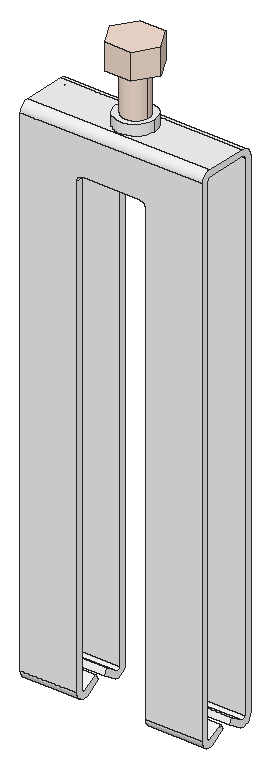
Revit family "CTクリップH=38", category 機械設備, Revit 2020
Family settings
  丸型コネクタ寸法 = 直径を使用
  種別 = なし
  パーツ タイプ = 標準
  作業面ベース = いいえ
  常に垂直 = はい
  ロード時にボイドで切り取り = いいえ
  共有 = いいえ
  部屋計算ポイント = いいえ
Parameters
  製造元 = "株式会社桐井製作所"
  既定の高さ = 0 mm
  URL = "https://www.kirii.co.jp/"
  K_材質 = "溶融亜鉛めっき鋼板及び鋼帯 SGCC 一般用"
  K_品名 = "CTクリップH=38"
  K_名称 = "クリップ"
  K_入数 = "200"
  K_バージョン情報 = "20220411"
  K_めっき付着量 = "Z12"
  K_JIS規格 = "JIS G 3302"
Reference planes
  plane 1 "中心(正面/背面)": y = 0
  plane 2: z = 0
  plane 3 "中心(左/右)": x = 0
Forms (mm)
  Extrusion 1, void
    sketch origin (0, 0, 0) x (1, 0, 0) y (0, 1, 0)
      loop
        circle (0, 0) r 2.5
    from 7.437 to 8.637
  Extrusion 2, solid
    sketch origin (0, 0, 0) x (1, 0, 0) y (0, 1, 0)
      loop
        circle (0, 0) r 3.691
      loop
        circle (0, 0) r 2.5
    from 8.637 to 10.637
  Extrusion 3, void
    sketch origin (0, 0, 0) x (1, 0, 0) y (0, 0, 1)
      loop
        line (-6.6, -92.897) -> (6.6, -92.897) -> (6.6, -1)
        arc (6.6, -1) -> (6.307, -0.293) -> (5.6, 0) r 1
        line (5.6, 0) -> (-5.6, 0)
        arc (-5.6, 0) -> (-6.307, -0.293) -> (-6.6, -1) r 1
        line (-6.6, -1) -> (-6.6, -92.897)
    from -5.8 to 5.8
  Extrusion 4, solid
    sketch origin (0, 0, 7.437) x (0, 1, 0) y (0, 0, 1)
      loop
        line (-4.6, -97.119) -> (-4.6, -0.5)
        arc (-4.6, -0.5) -> (-4.454, -0.146) -> (-4.1, 0) r 0.5
        line (-4.1, 0) -> (4.1, 0)
        arc (4.1, 0) -> (4.454, -0.146) -> (4.6, -0.5) r 0.5
        line (4.6, -0.5) -> (4.6, -97.119)
        arc (4.6, -97.119) -> (4.389, -97.527) -> (3.935, -97.591) r 0.5
        line (3.935, -97.591) -> (1.386, -96) -> (0.8, -97.047) -> (3.538, -98.704)
        arc (3.538, -98.704) -> (5.083, -98.487) -> (5.8, -97.1) r 1.7
        line (5.8, -97.1) -> (5.8, -0.5)
        arc (5.8, -0.5) -> (5.302, 0.702) -> (4.1, 1.2) r 1.7
        line (4.1, 1.2) -> (-4.1, 1.2)
        arc (-4.1, 1.2) -> (-5.302, 0.702) -> (-5.8, -0.5) r 1.7
        line (-5.8, -0.5) -> (-5.8, -97.1)
        arc (-5.8, -97.1) -> (-5.083, -98.487) -> (-3.538, -98.704) r 1.7
        line (-3.538, -98.704) -> (-0.8, -97.047) -> (-1.386, -96) -> (-3.935, -97.591)
        arc (-3.935, -97.591) -> (-4.389, -97.527) -> (-4.6, -97.119) r 0.5
    from -17.6 to 17.6
Cuts and joins
  Extrusion 3 cuts Extrusion 2
  Extrusion 1, Extrusion 3 cuts Extrusion 4
  joined: Extrusion 2, Extrusion 4
Dimensions and locks
  aligned and locked: level to plane 2
Nested families
  nested 1: "M5×25ボルト" at (0.011, -0.034, 18.824) x (1, 0, 0) z (0, 1, 0), type "M5×25ボルト"
Definition of nested family "M5×25ボルト"
  Parameters (values of type "M5×25ボルト")
    Manufacturer = "株式会社桐井製作所"
    Default Elevation = 0 mm
    URL = "https://www.kirii.co.jp/"
    K_名称 = "M6×25ボルト"
  Reference planes
    plane 1 "中心(正面/背面)": y = 0
    plane 2: z = 0
    plane 3 "中心(左/右)": x = 0
    plane 4 "正面": y = -5
  Forms (mm)
    Extrusion 1, solid
      sketch origin (0, 0, 0.234) x (1, 0, 0) y (0, 0, 1)
        loop
          line (4.989, -0.2) -> (2.489, 4.13) -> (-2.511, 4.13) -> (-5.011, -0.2) -> (-2.511, -4.531) -> (2.489, -4.531) -> (4.989, -0.2)
      from 0 to 5
    Extrusion 2, solid
      sketch origin (0, 0, 0.234) x (1, 0, 0) y (0, 0, 1)
        loop
          circle (-0.011, -0.2) r 2.5
      from 0 to -20
  Cuts and joins
    joined: Extrusion 1, Extrusion 2
  Dimensions and locks
    aligned and locked: level to plane 2
